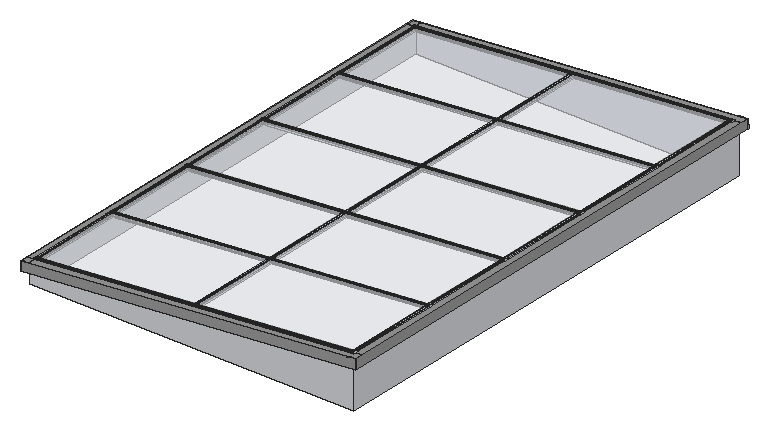
Revit family "Pultdach_oG_Flachdach", category Windows, host Roof, Revit 2019
Family settings
  Host = Roof
  Always vertical = No
  Cut with Voids When Loaded = Yes
  Shared = No
  Room Calculation Point = No
Parameters
  segment quantity = roundup((inner length + 70 mm) / rd)  # 5
  segment distance = (inner length + 70 mm) / segment quantity  # 1514 mm
  rd2 = max rafter distance : 1,5 m
  glass roof inclination = 5.00°
  rd1 = max rafter distance : 1,0 m
  rd = if(max. rafter distance = rd1, 1070 mm, if(max. rafter distance = rd2, 1570 mm, 2070 mm))  # 1570 mm
  max. rafter distance = max rafter distance : 1,5 m
  length wether sheet = -(inner length + 96 mm + 86 mm)  # -7682 mm
  lower frame height = 300 mm
  inner length = 7500 mm
  inner width = 5000 mm
  external width = inner width + 2 mm * 96  # 5192 mm
  end wether sheet = length wether sheet + 2 mm  # -7680 mm
  construction height = tan(glass roof inclination) * external width + lower frame height  # 754.241 mm
  begin wether sheet = -(inner length + 47 mm)  # -7547 mm
  URL = "https://www.lamilux.com/daylight-systems/products/glass-roof/glass-roof-pr60.html"
  Product data url = "https://www.bimobject.com/en/lamilux/product/lamilux_pr60"
  Product Guid = ""
  Model = "Glasdach PR60"
  Height = construction height  # 754.241 mm
  Homepage [instance] = "https://www.lamilux.com/daylight-systems/products/glass-roof/glass-roof-pr60.html"
  Manufacturer = "LAMILUX Heinricht Strunz GmbH"
  Glazing Material = Glas
  Frame Material = Aluminium (1)
  Width = inner width  # 5000 mm
  Edition number = 1
  Assembly Code = "B3020110"
  Analytic Construction = "<Keine Auswahl>"
  - inner length = -inner length  # -7500 mm
  - external lenght = -(inner length + 2 mm * 96)  # -7692 mm
Reference planes
  plane 1 "Mitte (Vorne/hinten)": y = 0
  plane 2 "Dach": z = 4000
  plane 3 "Mitte (Links/rechts)": x = 0
  plane 4: y = 7500
  plane 5: x = 96
  plane 6: x = 5096
Forms (mm)
  Extrusion 1, solid
    sketch origin (0, 0, 4000) x (1, 0, 0) y (0, 1, 0)
      loop
        line (96, 7500) -> (96, 0) -> (5096, 0) -> (5096, 7500) -> (96, 7500)
      loop
        line (0, 7596) -> (0, -96) -> (5192, -96) -> (5192, 7596) -> (0, 7596)
    from 152.4 to 906.641
  Extrusion 2, void
    sketch origin (0, 0, 4000) x (1, 0, 0) y (0, 1, 0)
      loop
        line (96, 7500) -> (96, 0) -> (5096, 0) -> (5096, 7500) -> (96, 7500)
    from -947.626 to 906.641
  Extrusion 3, void
    sketch origin (0, 0, 0) x (1, 0, 0) y (0, 0, 1)
      loop
        line (5192, 4906.641) -> (0, 4906.641) -> (0, 4452.4) -> (5192, 4906.641)
    from 96 to -7692 <- "- external lenght"
  Extrusion 4, solid, material "Aluminium (1)" <- "Frame Material"
    sketch origin (0, 0, 0) x (1, 0, 0) y (0, 0, 1)
      loop
        line (-89, 4340.771) -> (-87, 4340.771) -> (-87, 4488.957) -> (42.794, 4500.312) -> (42.62, 4502.304) -> (-89, 4490.789) -> (-89, 4340.771)
    from -7682 <- "length wether sheet" to 182
  Extrusion 5, solid, material "Aluminium (1)" <- "Frame Material"
    sketch origin (0, 0, 0) x (1, 0, 0) y (0, 0, 1)
      loop
        line (5281, 4809.608) -> (5281, 4960.603) -> (5140.083, 4948.275) -> (5140.257, 4946.282) -> (5279, 4958.421) -> (5279, 4809.608) -> (5281, 4809.608)
    from -7682 <- "length wether sheet" to 182
  Extrusion 6, solid, material "Aluminium (1)" <- "Frame Material"
    sketch origin (0, 0, 0) x (1, 0, 0) y (0, 0, 1)
      loop
        line (-89, 4490.789) -> (-89, 4488.782) -> (5281, 4958.596) -> (5281, 4960.603) -> (-89, 4490.789)
    from 182 to 47
  Extrusion 7, solid, material "Aluminium (1)" <- "Frame Material"
    sketch origin (0, 0, 0) x (1, 0, 0) y (0, 0, 1)
      loop
        line (-89, 4490.789) -> (-89, 4340.803) -> (5281, 4809.569) -> (5281, 4960.603) -> (-89, 4490.789)
    from 180 to 182
  Extrusion 8, solid, material "Aluminium (1)" <- "Frame Material"
    sketch origin (0, 0, 0) x (1, 0, 0) y (0, 0, 1)
      loop
        line (5281, 4960.603) -> (-89, 4490.789) -> (-89, 4488.782) -> (5281, 4958.596) -> (5281, 4960.603)
    from -7682 <- "length wether sheet" to -7547 <- "begin wether sheet"
  Extrusion 9, solid, material "Aluminium (1)" <- "Frame Material"
    sketch origin (0, 0, 0) x (1, 0, 0) y (0, 0, 1)
      loop
        line (5281, 4960.603) -> (-89, 4490.789) -> (-89, 4340.803) -> (5281, 4809.569) -> (5281, 4960.603)
    from -7680 <- "end wether sheet" to -7682 <- "length wether sheet"
Cuts and joins
  Extrusion 2, Extrusion 3 cuts Extrusion 1
  joined: Extrusion 6, Extrusion 7
  joined: Extrusion 8, Extrusion 9
Dimensions and locks
  equal spacing: host sketch curve, plane 3 "Mitte (Links/rechts)", host sketch curve
  equal spacing: host sketch curve, plane 1 "Mitte (Vorne/hinten)", host sketch curve
  "inner length": plane 1 "Mitte (Vorne/hinten)" to plane 4
  locked: plane 5 to plane 3 "Mitte (Links/rechts)" at 96
  "inner width": plane 5 to plane 6
  "construction height": Extrusion 1 to host roof
  locked: Extrusion 4 sketch curve to cut or joined group of Extrusion 1, Extrusion 2, Extrusion 3 at 46
  locked: Extrusion 5 sketch curve to cut or joined group of Extrusion 1, Extrusion 2, Extrusion 3 at 46
  locked: Extrusion 6 sketch curve to cut or joined group of Extrusion 1, Extrusion 2, Extrusion 3 at 46
  locked: Extrusion 4 sketch curve to Extrusion 4 sketch curve at 2
  locked: Extrusion 6 sketch curve to Extrusion 6 sketch curve at 2
  locked: Extrusion 8 sketch curve to Extrusion 8 sketch curve at 2
  locked: cut or joined group of Extrusion 1, Extrusion 2, Extrusion 3 to Extrusion 8 sketch curve at 46
  "glass roof inclination": angle Extrusion 3 sketch curve to Extrusion 3 sketch curve
  aligned and locked: level to plane 2 "Dach"
  aligned and locked: Extrusion 1 sketch curve to plane 5
  aligned and locked: Extrusion 1 sketch curve to plane 1 "Mitte (Vorne/hinten)"
  aligned and locked: Extrusion 1 sketch curve to plane 6
  aligned and locked: Extrusion 1 sketch curve to plane 4
  aligned and locked: Extrusion 1 to host roof
  aligned and locked: Extrusion 2 sketch curve to plane 4
  aligned and locked: Extrusion 2 sketch curve to plane 5
  aligned and locked: Extrusion 2 sketch curve to plane 6
  aligned and locked: Extrusion 2 sketch curve to plane 1 "Mitte (Vorne/hinten)"
  aligned and locked: Extrusion 1 to Extrusion 2
  aligned and locked: cut or joined group of Extrusion 1, Extrusion 2, Extrusion 3 to Extrusion 3 sketch curve  (x2)
  aligned and locked: Extrusion 3 sketch curve to plane 3 "Mitte (Links/rechts)"
  aligned and locked: cut or joined group of Extrusion 1, Extrusion 2, Extrusion 3 to nested 1
  aligned and locked: Extrusion 5 to Extrusion 6 sketch curve
  aligned and locked: Extrusion 5 sketch curve to Extrusion 4
  aligned and locked: Extrusion 7 sketch curve to Extrusion 4
  aligned and locked: Extrusion 5 to Extrusion 7 sketch curve
  aligned and locked: Extrusion 9 sketch curve to Extrusion 8
  aligned and locked: Extrusion 9 sketch curve to Extrusion 7
Automatic sketch dimensions
  Extrusion 1 sketch curve to plane 6 = 96 mm
  plane 1 "Mitte (Vorne/hinten)" to Extrusion 1 sketch curve = 96 mm
  plane 4 to Extrusion 1 sketch curve = 96 mm
  plane 5 to Extrusion 1 sketch curve = 96 mm
  Extrusion 4 sketch curve to plane 3 "Mitte (Links/rechts)" = 89 mm
  Extrusion 4 sketch curve to Extrusion 4 sketch curve = 2 mm
  plane 3 "Mitte (Links/rechts)" to Extrusion 4 sketch curve = 42.62 mm
  Extrusion 4 sketch curve to Extrusion 4 sketch curve = 148.185 mm
  Extrusion 5 sketch curve to plane 6 = 183 mm
  Extrusion 5 sketch curve to Extrusion 5 sketch curve = 2 mm
  Extrusion 5 sketch curve to Extrusion 5 sketch curve = 148.813 mm
  Extrusion 5 sketch curve to plane 6 = 44.257 mm
  Extrusion 6 sketch curve to plane 3 "Mitte (Links/rechts)" = 89 mm
  Extrusion 7 sketch curve to Extrusion 7 sketch curve = 151.034 mm
  Extrusion 7 sketch curve to plane 3 "Mitte (Links/rechts)" = 89 mm
  Extrusion 7 sketch curve to Extrusion 7 sketch curve = 149.986 mm
  Extrusion 8 sketch curve to plane 3 "Mitte (Links/rechts)" = 89 mm
  Extrusion 8 sketch curve to plane 6 = 185 mm
  Extrusion 9 sketch curve to plane 3 "Mitte (Links/rechts)" = 89 mm
  Extrusion 9 sketch curve to Extrusion 9 sketch curve = 151.034 mm
Nested families
  nested 1: "VerglFlaeche" at (5095.998, 0, 4898.242) x (-0.9962, 0, -0.0872) z (-0.0872, 0, 0.9962), type "Pfosten_Riegel_Kombi"
Definition of nested family "VerglFlaeche"
  Parameters (values of type "VerglFlaeche")
    segment quantity = 4
    segment distance = 1892.5 mm
    roof inclination = 5.00°
    rd = 2070 mm
    inner width = 5000 mm
    inner length = 3500 mm
    Default Elevation = 1219.2 mm
  Reference planes
    plane 1 "Mitte (Vorne/hinten)": y = 0
    plane 2: z = 0
    plane 3 "Mitte (Links/rechts)": x = 0
    plane 4: y = -857.502
    plane 5: y = -2750.002
    plane 6: y = -4642.502
    plane 7: y = -6535.002
  Dimensions and locks
    locked: plane 1 "Mitte (Vorne/hinten)" to nested 1 at 5
    equal spacing: group 1, group 2, group 3, group 4  (x2)
    equal spacing: group 4, group 3, group 2, group 1
    "segment distance": plane 5 to plane 4
    aligned and locked: level to plane 2
  Nested families
    nested 1: "Einzelfeld" at (0, -1822.5, 0) x (-1, 0, 0) z (0, 0, 1), type "Glaskonstruktion_Test"
    nested 2: "Einzelfeld" at (0, -3715, 0) x (-1, 0, 0) z (0, 0, 1), type "Glaskonstruktion_Test"
    nested 3: "Einzelfeld" at (0, -5607.5, 0) x (-1, 0, 0) z (0, 0, 1), type "Glaskonstruktion_Test"
    nested 4: "Einzelfeld" at (0, -7500, 0) x (-1, 0, 0) z (0, 0, 1), type "Glaskonstruktion_Test"
  Definition of nested family "Einzelfeld"
    Parameters (values of type "Einzelfeld")
      segment quantity = 6
      roof inclination = 5.00°
      rd = 2070 mm
      rafter length = -(construction width + 65 mm)  # -5084.099 mm
      rafter distance = 1892.5 mm
      mullion quantity = roundup((construction width + 70 mm) / md) + 1  # 4
      mullion lenght = -(rafter distance - 90 mm)  # -1802.5 mm
      mullion distance = (construction width + 70 mm) / (mullion quantity - 1)  # 1696.366 mm
      md = if(rd = 1070 mm, 3070 mm, if(rd = 1570 mm, 2570 mm, 2070 mm))  # 2070 mm
      inner width = 5000 mm
      construction width = inner width / cos(roof inclination)  # 5019.099 mm
      Default Elevation = 1219.2 mm
    Reference planes
      plane 1 "Mitte (Vorne/hinten)": y = 0
      plane 2: z = 0
      plane 3 "Mitte (Links/rechts)": x = 0
      plane 4: x = -5019.099
      plane 5: y = 34.998
      plane 6 "Riegel": y = -10
      plane 7: x = 35
      plane 8: x = -35
      plane 9: y = -1857.502
      plane 10: x = -1661.366
      plane 11: x = -3357.733
      plane 12: x = -5054.099
    Forms (mm)
      Extrusion 1, solid
        sketch origin (0, 70, 0) x (0, 1, 0) y (0, 0, 1)
          loop
            line (-65, 0) -> (-5, 0) -> (-5, 16) -> (-21, 16) -> (-21, 46) -> (-5, 46) -> (-5, 52) -> (-19.489, 55.882) -> (-19.489, 57.882) -> (-23.492, 57.882) -> (-23.492, 56.882) -> (-46.511, 56.882) -> (-46.511, 57.882) -> (-50.511, 57.882) -> (-50.511, 55.882) -> (-65, 52) -> (-65, 46) -> (-49, 46) -> (-49, 16) -> (-65, 16) -> (-65, 0)
        from 65 to -5084.099 <- "rafter length"
      Extrusion 2, solid
        sketch origin (70, -10, 0) x (-1, 0, 0) y (0, 0, 1)
          loop
            line (65, 0) -> (65, 16) -> (49, 16) -> (49, 46) -> (65, 46) -> (65, 52) -> (50.511, 55.882) -> (50.511, 57.698) -> (46.511, 57.698) -> (46.511, 56.698) -> (23.489, 56.698) -> (23.489, 57.882) -> (19.489, 57.882) -> (19.489, 55.882) -> (5, 52) -> (5, 46) -> (21, 46) -> (21, 16) -> (5, 16) -> (5, 0) -> (65, 0)
        from 0 to -1802.5 <- "mullion lenght"
      Extrusion 3, solid, not visible
        sketch origin (0, -10, 0) x (-1, 0, 0) y (0, 0, 1)
          loop
            line (65, 0) -> (65, 16) -> (49, 16) -> (49, 46) -> (65, 46) -> (65, 52) -> (50.511, 55.882) -> (50.511, 57.698) -> (46.511, 57.698) -> (46.511, 56.698) -> (23.489, 56.698) -> (23.489, 57.882) -> (19.489, 57.882) -> (19.489, 55.882) -> (5, 52) -> (5, 46) -> (21, 46) -> (21, 16) -> (5, 16) -> (5, 0) -> (65, 0)
        from 0 to -1802.5 <- "mullion lenght"
      Extrusion 4, solid
        sketch origin (0, -1822.5, 0) x (0, 1, 0) y (0, 0, 1)
          loop
            line (-65, 0) -> (-5, 0) -> (-5, 16) -> (-21, 16) -> (-21, 46) -> (-5, 46) -> (-5, 52) -> (-19.489, 55.882) -> (-19.489, 57.882) -> (-23.492, 57.882) -> (-23.492, 56.882) -> (-46.511, 56.882) -> (-46.511, 57.882) -> (-50.511, 57.882) -> (-50.511, 55.882) -> (-65, 52) -> (-65, 46) -> (-49, 46) -> (-49, 16) -> (-65, 16) -> (-65, 0)
        from 65 to -5084.099 <- "rafter length"
      Extrusion 5, solid
        sketch origin (-1626.366, -10, 0) x (-1, 0, 0) y (0, 0, 1)
          loop
            line (65, 0) -> (65, 16) -> (49, 16) -> (49, 46) -> (65, 46) -> (65, 52) -> (50.511, 55.882) -> (50.511, 57.698) -> (46.511, 57.698) -> (46.511, 56.698) -> (23.489, 56.698) -> (23.489, 57.882) -> (19.489, 57.882) -> (19.489, 55.882) -> (5, 52) -> (5, 46) -> (21, 46) -> (21, 16) -> (5, 16) -> (5, 0) -> (65, 0)
        from 0 to -1802.5 <- "mullion lenght"
      Extrusion 6, solid
        sketch origin (-3322.733, -10, 0) x (-1, 0, 0) y (0, 0, 1)
          loop
            line (65, 0) -> (65, 16) -> (49, 16) -> (49, 46) -> (65, 46) -> (65, 52) -> (50.511, 55.882) -> (50.511, 57.698) -> (46.511, 57.698) -> (46.511, 56.698) -> (23.489, 56.698) -> (23.489, 57.882) -> (19.489, 57.882) -> (19.489, 55.882) -> (5, 52) -> (5, 46) -> (21, 46) -> (21, 16) -> (5, 16) -> (5, 0) -> (65, 0)
        from 0 to -1802.5 <- "mullion lenght"
      Extrusion 7, solid, not visible
        sketch origin (0, -10, 0) x (-1, 0, 0) y (0, 0, 1)
          loop
            line (0, 0) -> (-5, 0) -> (-5, -57.15) -> (0, 0)
        from 0 to 10
      Extrusion 8, solid
        sketch origin (0, 0, 0) x (1, 0, 0) y (0, 1, 0)
          loop
            line (-5038.099, 18.998) -> (-5038.099, -1841.502) -> (19, -1841.502) -> (19, 18.998) -> (-5038.099, 18.998)
        from 16 to 46
      Extrusion 9, solid
        sketch origin (-5019.099, -10, 0) x (-1, 0, 0) y (0, 0, 1)
          loop
            line (65, 0) -> (65, 16) -> (49, 16) -> (49, 46) -> (65, 46) -> (65, 52) -> (50.511, 55.882) -> (50.511, 57.698) -> (46.511, 57.698) -> (46.511, 56.698) -> (23.489, 56.698) -> (23.489, 57.882) -> (19.489, 57.882) -> (19.489, 55.882) -> (5, 52) -> (5, 46) -> (21, 46) -> (21, 16) -> (5, 16) -> (5, 0) -> (65, 0)
        from 0 to -1802.5 <- "mullion lenght"
    Dimensions and locks
      group 2 to group 3 = 0 mm  (x2)
      group 3 to group 2 = 1892.5 mm
      "rafter distance": plane 9 to plane 5
      locked: plane 6 "Riegel" to plane 1 "Mitte (Vorne/hinten)" at 10
      equal spacing: group 7, group 6, group 5, group 4
      equal spacing: group 4, group 5, group 6, group 7  (x2)
      "construction width": plane 4 to plane 3 "Mitte (Links/rechts)"
      locked: plane 7 to plane 3 "Mitte (Links/rechts)" at 35
      "mullion distance": plane 7 to plane 10
      Extrusion 8 sketch curve to plane 9 = 16 mm
      Extrusion 8 sketch curve to plane 11 = 1680.366 mm
      Extrusion 8 sketch curve to plane 5 = 16 mm
      Extrusion 8 sketch curve to plane 7 = 16 mm
      locked: Extrusion 8 sketch curve to plane 4 at 19
      "roof inclination": angle Extrusion 7 sketch curve to plane 3 "Mitte (Links/rechts)"
      aligned and locked: level to plane 2
      aligned and locked: Extrusion 7 sketch curve to Extrusion 1
      aligned and locked: plane 3 "Mitte (Links/rechts)" to Extrusion 7 sketch curve
      aligned and locked: Extrusion 7 sketch curve to Extrusion 2
    Automatic sketch dimensions
      Extrusion 1 sketch curve to Extrusion 1 sketch curve = 0 mm  (x2)
      Extrusion 1 sketch curve to Extrusion 1 sketch curve = 14.489 mm
      Extrusion 1 sketch curve to Extrusion 1 sketch curve = 1.511 mm
      Extrusion 1 sketch curve to Extrusion 1 sketch curve = 4 mm
      Extrusion 1 sketch curve to Extrusion 1 sketch curve = 23.019 mm
      Extrusion 1 sketch curve to Extrusion 1 sketch curve = 4.003 mm
      Extrusion 1 sketch curve to Extrusion 1 sketch curve = 30 mm
      Extrusion 1 sketch curve to Extrusion 1 sketch curve = 6 mm  (x2)
      Extrusion 1 sketch curve to Extrusion 1 sketch curve = 9.882 mm  (x2)
      Extrusion 1 sketch curve to Extrusion 1 sketch curve = 2 mm  (x2)
      Extrusion 1 sketch curve to Extrusion 1 sketch curve = 1 mm
      Extrusion 1 sketch curve to plane 5 = 29.998 mm
      plane 5 to Extrusion 1 sketch curve = 14.002 mm
      Extrusion 1 sketch curve to Extrusion 1 sketch curve = 16 mm  (x4)
      Extrusion 4 sketch curve to Extrusion 4 sketch curve = 0 mm  (x2)
      Extrusion 4 sketch curve to Extrusion 4 sketch curve = 14.489 mm
      Extrusion 4 sketch curve to Extrusion 4 sketch curve = 1.511 mm
      Extrusion 4 sketch curve to Extrusion 4 sketch curve = 4 mm
      Extrusion 4 sketch curve to Extrusion 4 sketch curve = 23.019 mm
      Extrusion 4 sketch curve to Extrusion 4 sketch curve = 4.003 mm
      Extrusion 4 sketch curve to Extrusion 4 sketch curve = 30 mm
      Extrusion 4 sketch curve to Extrusion 4 sketch curve = 6 mm  (x2)
      Extrusion 4 sketch curve to Extrusion 4 sketch curve = 9.882 mm  (x2)
      Extrusion 4 sketch curve to Extrusion 4 sketch curve = 2 mm  (x2)
      Extrusion 4 sketch curve to Extrusion 4 sketch curve = 1 mm
      Extrusion 4 sketch curve to plane 9 = 29.998 mm
      plane 9 to Extrusion 4 sketch curve = 14.002 mm
      Extrusion 4 sketch curve to Extrusion 4 sketch curve = 16 mm  (x4)
      plane 7 to Extrusion 2 sketch curve = 30 mm
      Extrusion 2 sketch curve to Extrusion 2 sketch curve = 0 mm
      Extrusion 2 sketch curve to Extrusion 2 sketch curve = 14.489 mm
      Extrusion 2 sketch curve to Extrusion 2 sketch curve = 1.511 mm
      Extrusion 2 sketch curve to Extrusion 2 sketch curve = 4 mm  (x2)
      Extrusion 2 sketch curve to plane 7 = 11.511 mm
      Extrusion 2 sketch curve to Extrusion 2 sketch curve = 2.489 mm
      Extrusion 2 sketch curve to Extrusion 2 sketch curve = 16 mm  (x4)
      Extrusion 2 sketch curve to Extrusion 2 sketch curve = 30 mm  (x2)
      Extrusion 2 sketch curve to Extrusion 2 sketch curve = 6 mm  (x2)
      Extrusion 2 sketch curve to Extrusion 2 sketch curve = 9.882 mm  (x2)
      Extrusion 2 sketch curve to Extrusion 2 sketch curve = 0.816 mm
      Extrusion 2 sketch curve to Extrusion 2 sketch curve = 1.816 mm
      Extrusion 2 sketch curve to Extrusion 2 sketch curve = 2 mm
      plane 8 to Extrusion 3 sketch curve = 30 mm
      Extrusion 3 sketch curve to Extrusion 3 sketch curve = 0 mm
      Extrusion 3 sketch curve to Extrusion 3 sketch curve = 14.489 mm
      Extrusion 3 sketch curve to Extrusion 3 sketch curve = 1.511 mm
      Extrusion 3 sketch curve to Extrusion 3 sketch curve = 4 mm  (x2)
      Extrusion 3 sketch curve to plane 8 = 11.511 mm
      Extrusion 3 sketch curve to Extrusion 3 sketch curve = 2.489 mm
      Extrusion 3 sketch curve to Extrusion 3 sketch curve = 16 mm  (x4)
      Extrusion 3 sketch curve to Extrusion 3 sketch curve = 30 mm  (x2)
      Extrusion 3 sketch curve to Extrusion 3 sketch curve = 6 mm  (x2)
      Extrusion 3 sketch curve to Extrusion 3 sketch curve = 9.882 mm  (x2)
      Extrusion 3 sketch curve to Extrusion 3 sketch curve = 0.816 mm
      Extrusion 3 sketch curve to Extrusion 3 sketch curve = 1.816 mm
      Extrusion 3 sketch curve to Extrusion 3 sketch curve = 2 mm
      plane 10 to Extrusion 5 sketch curve = 30 mm
      Extrusion 5 sketch curve to Extrusion 5 sketch curve = 0 mm
      Extrusion 5 sketch curve to Extrusion 5 sketch curve = 14.489 mm
      Extrusion 5 sketch curve to Extrusion 5 sketch curve = 1.511 mm
      Extrusion 5 sketch curve to Extrusion 5 sketch curve = 4 mm  (x2)
      Extrusion 5 sketch curve to plane 10 = 11.511 mm
      Extrusion 5 sketch curve to Extrusion 5 sketch curve = 2.489 mm
      Extrusion 5 sketch curve to Extrusion 5 sketch curve = 16 mm  (x4)
      Extrusion 5 sketch curve to Extrusion 5 sketch curve = 30 mm  (x2)
      Extrusion 5 sketch curve to Extrusion 5 sketch curve = 6 mm  (x2)
      Extrusion 5 sketch curve to Extrusion 5 sketch curve = 9.882 mm  (x2)
      Extrusion 5 sketch curve to Extrusion 5 sketch curve = 0.816 mm
      Extrusion 5 sketch curve to Extrusion 5 sketch curve = 1.816 mm
      Extrusion 5 sketch curve to Extrusion 5 sketch curve = 2 mm
      plane 11 to Extrusion 6 sketch curve = 30 mm
      Extrusion 6 sketch curve to Extrusion 6 sketch curve = 0 mm
      Extrusion 6 sketch curve to Extrusion 6 sketch curve = 14.489 mm
      Extrusion 6 sketch curve to Extrusion 6 sketch curve = 1.511 mm
      Extrusion 6 sketch curve to Extrusion 6 sketch curve = 4 mm  (x2)
      Extrusion 6 sketch curve to plane 11 = 11.511 mm
      Extrusion 6 sketch curve to Extrusion 6 sketch curve = 2.489 mm
      Extrusion 6 sketch curve to Extrusion 6 sketch curve = 16 mm  (x4)
      Extrusion 6 sketch curve to Extrusion 6 sketch curve = 30 mm  (x2)
      Extrusion 6 sketch curve to Extrusion 6 sketch curve = 6 mm  (x2)
      Extrusion 6 sketch curve to Extrusion 6 sketch curve = 9.882 mm  (x2)
      Extrusion 6 sketch curve to Extrusion 6 sketch curve = 0.816 mm
      Extrusion 6 sketch curve to Extrusion 6 sketch curve = 1.816 mm
      Extrusion 6 sketch curve to Extrusion 6 sketch curve = 2 mm
      plane 12 to Extrusion 9 sketch curve = 30 mm
      Extrusion 9 sketch curve to Extrusion 9 sketch curve = 0 mm
      Extrusion 9 sketch curve to Extrusion 9 sketch curve = 14.489 mm
      Extrusion 9 sketch curve to Extrusion 9 sketch curve = 1.511 mm
      Extrusion 9 sketch curve to Extrusion 9 sketch curve = 4 mm  (x2)
      Extrusion 9 sketch curve to plane 12 = 11.511 mm
      Extrusion 9 sketch curve to Extrusion 9 sketch curve = 2.489 mm
      Extrusion 9 sketch curve to Extrusion 9 sketch curve = 16 mm  (x4)
      Extrusion 9 sketch curve to Extrusion 9 sketch curve = 30 mm  (x2)
      Extrusion 9 sketch curve to Extrusion 9 sketch curve = 6 mm  (x2)
      Extrusion 9 sketch curve to Extrusion 9 sketch curve = 9.882 mm  (x2)
      Extrusion 9 sketch curve to Extrusion 9 sketch curve = 0.816 mm
      Extrusion 9 sketch curve to Extrusion 9 sketch curve = 1.816 mm
      Extrusion 9 sketch curve to Extrusion 9 sketch curve = 2 mm
